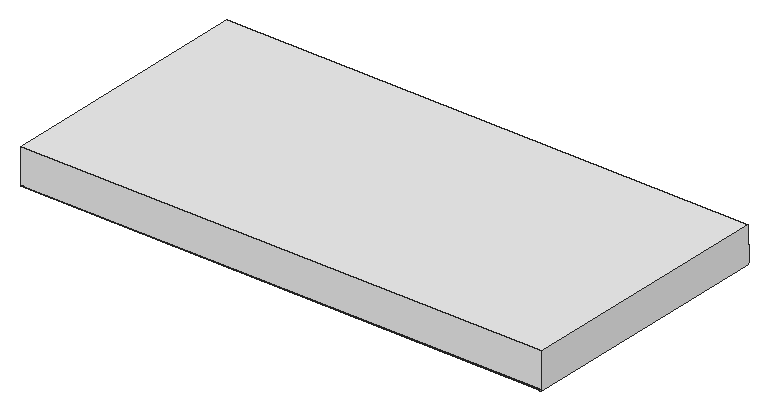
Revit family "MD2-ALTO", category Lighting Fixtures, host Ceiling, Revit 2023
Family settings
  Host = Ceiling
  Round Connector Dimension = Use Diameter
  Part Type = Normal
  OmniClass Number = 23.80.70.11.14.17
  OmniClass Title = Direct/Indirect
  Always vertical = Yes
  Cut with Voids When Loaded = No
  Light Source = Yes
  Maintain Annotation Orientation = No
  Shared = No
  Room Calculation Point = No
Parameters (values of type "MD2-ALTO2X4-LED840K070LUNV (EXAM ONLY)")
  Width = 1' - 11 3/4"
  Wattage = 48 W
  built-in parameter 1150110 = 1 (stored number, unit not read)
  Voltage = 120 V
  URL = "https://viscor.com/products/md-2-alto"
  built-in parameter 1114217 = 0.9 (stored number, unit not read)
  Tilt Angle = 90.00°
  built-in parameter 1150109 = 1 (stored number, unit not read)
  built-in parameter 1150134 = 12
  built-in parameter 1150113 = 1 (stored number, unit not read)
  Photometric Web File = "MD2-ALTO2X4-LED840K070LUNV (EXAM ONLY).ies"
  Model = "MD2-ALT0"  # constant formula
  Manufacturer = "CERTOLUX A DIVISION OF VISCOR"  # constant formula
  Lumens = 7030.08 lm
  built-in parameter 1150115 = 1 (stored number, unit not read)
  built-in parameter 1150105 = 559.44 (stored number, unit not read)
  built-in parameter 1150137 = (empty or 0)
  built-in parameter 1150139 = (empty or 0)
  Lens Finish = Acrylic - Viscor - Frosted White
  Lens Depth = 0' - 0 5/8"
  Length = 3' - 11 3/4"
  Lamp Wattage = 48 VA
  built-in parameter 1150112 = 1 (stored number, unit not read)
  built-in parameter 1150114 = 1 (stored number, unit not read)
  Lamp = "LED"  # constant formula
  built-in parameter 1150132 = (empty or 0)
  built-in parameter 1150102 = (empty or 0)
  built-in parameter 1150138 = (empty or 0)
  built-in parameter 1150107 = 4000 (stored number, unit not read)
  built-in parameter 1150106 = 5.5944 (stored number, unit not read)
  Housing Finish = Metal - Viscor - White
  Emit from Rectangle Width = Width  # 1' - 11 3/4"
  Emit from Rectangle Length = Length  # 3' - 11 3/4"
  Emit from Rectangle Height = Lens Depth  # 0' - 0 5/8"
  Emit Shape Visible in Rendering = no
  built-in parameter 1150104 = 13.607 (stored number, unit not read)
  Dimming Lamp Color Temperature Shift = <None>
  Description = "Patient Room Luminaire with Ambient, Exam Functions"  # constant formula
  Default Elevation = 0' - 0"
  Color Filter = 16777215
  built-in parameter 1114218 = 1 (stored number, unit not read)
  built-in parameter 1150133 = 10 (stored number, unit not read)
  Assembly Code = "D5020200"
  Apparent Load = Lamp Wattage  # 48 VA
Types (17): name | Wattage | Photometric Web File | Lumens | built-in parameter 1150105 | Lamp Wattage | built-in parameter 1150106 | built-in parameter 1150104 | Apparent Load
  (no name) | 48 W | "MD2-ALTO2X4-LED840K070LUNV (EXAM ONLY).ies" | 7030.08 lm | 559.44 (stored number, unit not read) | 48 VA | 5.5944 (stored number, unit not read) | 13.607 (stored number, unit not read) | 48 VA
  MD2-ALTO2X4-LED840K030LUNV (AMBIENT ONLY) | 24 W | "MD2-ALTO2X4-LED840K030LUNV (AMBIENT ONLY).ies" | 3010.08 lm | 239.53 (stored number, unit not read) | 24 VA | 2.3953 (stored number, unit not read) | 11.652 (stored number, unit not read) | 24 VA
  MD2-ALTO2X4-LED840K036LUNV (AMBIENT ONLY) | 29 W | "MD2-ALTO2X4-LED840K036LUNV (AMBIENT ONLY).ies" | 3610.5 lm | 287.31 (stored number, unit not read) | 29 VA | 2.8731 (stored number, unit not read) | 11.566 (stored number, unit not read) | 29 VA
  MD2-ALTO2X4-LED840K040LUNV (AMBIENT ONLY) | 34 W | "MD2-ALTO2X4-LED840K040LUNV (AMBIENT ONLY).ies" | 4204.1 lm | 334.55 (stored number, unit not read) | 34 VA | 3.3455 (stored number, unit not read) | 11.487 (stored number, unit not read) | 34 VA
  MD2-ALTO2X4-LED840K050LUNV (AMBIENT ONLY) | 41 W | "MD2-ALTO2X4-LED840K050LUNV (AMBIENT ONLY).ies" | 5045.05 lm | 401.47 (stored number, unit not read) | 41 VA | 4.0147 (stored number, unit not read) | 11.432 (stored number, unit not read) | 41 VA
  MD2-ALTO2X4-LED840K036LUNV (EXAM ONLY) | 24 W | "MD2-ALTO2X4-LED840K036LUNV (EXAM ONLY).ies" | 3607.92 lm | 287.11 (stored number, unit not read) | 24 VA | 2.8711 (stored number, unit not read) | 13.966 (stored number, unit not read) | 24 VA
  MD2-ALTO2X4-LED840K040LUNV (EXAM ONLY) | 28 W | "MD2-ALTO2X4-LED840K040LUNV (EXAM ONLY).ies" | 4177.04 lm | 332.4 (stored number, unit not read) | 28 VA | 3.324 (stored number, unit not read) | 13.859 (stored number, unit not read) | 28 VA
  MD2-ALTO2X4-LED840K050LUNV (EXAM ONLY) | 34 W | "MD2-ALTO2X4-LED840K050LUNV (EXAM ONLY).ies" | 5012.28 lm | 398.86 (stored number, unit not read) | 34 VA | 3.9886 (stored number, unit not read) | 13.696 (stored number, unit not read) | 34 VA
  MD2-ALTO2X4-LED840K060LUNV (EXAM ONLY) | 41 W | "MD2-ALTO2X4-LED840K060LUNV (EXAM ONLY).ies" | 6058.16 lm | 482.09 (stored number, unit not read) | 41 VA | 4.8209 (stored number, unit not read) | 13.727 (stored number, unit not read) | 41 VA
  MD2-ALTO2X4-LED840K070LUNV (EXAM ONLY) | 48 W | "MD2-ALTO2X4-LED840K070LUNV (EXAM ONLY).ies" | 7030.08 lm | 559.44 (stored number, unit not read) | 48 VA | 5.5944 (stored number, unit not read) | 13.607 (stored number, unit not read) | 48 VA
  MD2-ALTO2X4-LED840K030L_036LUNV (AMBIENT + EXAM ON) | 48 W | "MD2-ALTO2X4-LED840K030L_036LUNV (AMBIENT + EXAM ON).ies" | 6618.24 lm | 526.66 (stored number, unit not read) | 48 VA | 5.2666 (stored number, unit not read) | 12.809 (stored number, unit not read) | 48 VA
  MD2-ALTO2X4-LED840K036L_036LUNV (AMBIENT + EXAM ON) | 53 W | "MD2-ALTO2X4-LED840K036L_036LUNV (AMBIENT + EXAM ON).ies" | 7220.19 lm | 574.56 (stored number, unit not read) | 53 VA | 5.7456 (stored number, unit not read) | 12.656 (stored number, unit not read) | 53 VA
  MD2-ALTO2X4-LED840K040L_040LUNV (AMBIENT + EXAM ON) | 62 W | "MD2-ALTO2X4-LED840K040L_040LUNV (AMBIENT + EXAM ON).ies" | 8381.16 lm | 666.95 (stored number, unit not read) | 62 VA | 6.6695 (stored number, unit not read) | 12.559 (stored number, unit not read) | 62 VA
  MD2-ALTO2X4-LED840K040L_050LUNV (AMBIENT + EXAM ON) | 68 W | "MD2-ALTO2X4-LED840K040L_050LUNV (AMBIENT + EXAM ON).ies" | 9216.04 lm | 733.39 (stored number, unit not read) | 68 VA | 7.3339 (stored number, unit not read) | 12.591 (stored number, unit not read) | 68 VA
  MD2-ALTO2X4-LED840K040L_060LUNV  (AMBIENT + EXAM ON) | 75 W | "MD2-ALTO2X4-LED840K040L_060LUNV  (AMBIENT + EXAM ON).ies" | 10262.3 lm | 816.64 (stored number, unit not read) | 75 VA | 8.1664 (stored number, unit not read) | 12.712 (stored number, unit not read) | 75 VA
  MD2-ALTO2X4-LED840K050L_060LUNV (AMBIENT + EXAM ON) | 82 W | "MD2-ALTO2X4-LED840K050L_060LUNV (AMBIENT + EXAM ON).ies" | 11103.6 lm | 883.6 (stored number, unit not read) | 82 VA | 8.836 (stored number, unit not read) | 12.58 (stored number, unit not read) | 82 VA
  MD2-ALTO2X4-LED840K050L_070LUNV (AMBIENT + EXAM ON) | 89 W | "MD2-ALTO2X4-LED840K050L_070LUNV (AMBIENT + EXAM ON).ies" | 12075.5 lm | 960.94 (stored number, unit not read) | 89 VA | 9.6094 (stored number, unit not read) | 12.605 (stored number, unit not read) | 89 VA
Reference planes (in)
  plane 1 "Light Source Axis (F/B)": y = 0
  plane 2 "Ceiling": z = 96
  plane 3 "Light Source Axis (L/R)": x = 0
  plane 4 "Light Source Elevation": z = 95.375
  plane 5: y = 11.875
  plane 6: y = -11.875
  plane 7: x = -23.875
  plane 8: x = 23.875
  plane 9 "Lens Depth": z = 95.375
  plane 10: x = -23.46875
  plane 11: x = 23.46875
  plane 12: x = -23.40625
  plane 13: x = 23.40625
Forms (in)
  Extrusion 1, solid, material "Metal - Viscor - White" <- "Housing Finish"
    sketch origin (0, 0, -0.125) x (0, 1, 0) y (0, 0, 1)
      loop
        line (-11.783, 96) -> (11.783, 96)
        arc (11.783, 96) -> (11.82684, 96.01816) -> (11.845, 96.062) r 0.062
        line (11.845, 96.062) -> (11.845, 99.25) -> (-11.845, 99.25) -> (-11.845, 96.062)
        arc (-11.845, 96.062) -> (-11.82684, 96.01816) -> (-11.783, 96) r 0.062
    from -23.875 to 23.875
  Extrusion 2, void
    sketch origin (0, 0, 96) x (1, 0, 0) y (0, 1, 0)
      loop
        line (19.04387, 10.47) -> (-19.04387, 10.47)
        arc (-19.04387, 10.47) -> (-21.35604, 9.33853) -> (-22.5, 7.0325) r 4
        line (-22.5, 7.0325) -> (-22.5, -7.0325)
        arc (-22.5, -7.0325) -> (-21.35604, -9.33853) -> (-19.04387, -10.47) r 4
        line (-19.04387, -10.47) -> (19.04387, -10.47)
        arc (19.04387, -10.47) -> (21.35604, -9.33853) -> (22.5, -7.0325) r 4
        line (22.5, -7.0325) -> (22.5, 7.0325)
        arc (22.5, 7.0325) -> (21.35604, 9.33853) -> (19.04387, 10.47) r 4
    from -0.125 to 1.24401
Cuts and joins
  Extrusion 2 cuts Extrusion 1
Dimensions and locks (in)
  equal spacing: host sketch curve, plane 3 "Light Source Axis (L/R)", host sketch curve
  equal spacing: host sketch curve, plane 1 "Light Source Axis (F/B)", host sketch curve
  host sketch curve to host sketch curve = 10' - 0"  (x2)
  equal spacing: plane 7, plane 3 "Light Source Axis (L/R)", plane 8
  "Length": plane 7 to plane 8
  equal spacing: plane 5, plane 1 "Light Source Axis (F/B)", plane 6
  "Width": plane 5 to plane 6
  "Emit from Rectangle Height": plane 4 "Light Source Elevation" to plane 2 "Ceiling"
  "Lens Depth": plane 2 "Ceiling" to plane 9 "Lens Depth"
  locked: plane 7 to plane 10 at 0.40625
  locked: plane 11 to plane 8 at 0.40625
  locked: plane 7 to plane 12 at 0.46875
  locked: plane 13 to plane 8 at 0.46875
  aligned and locked: plane 3 "Light Source Axis (L/R)" to imposter light
  aligned and locked: plane 1 "Light Source Axis (F/B)" to imposter light
  aligned and locked: plane 4 "Light Source Elevation" to imposter light
  aligned and locked: Extrusion 1 to plane 7
  aligned and locked: plane 8 to Extrusion 1
Automatic sketch dimensions
  Extrusion 1 sketch curve to plane 2 "Ceiling" = 0' - 0 1/8"
  Extrusion 1 sketch curve to plane 5 = 0' - 0.092"
  Extrusion 1 sketch curve to plane 2 "Ceiling" = 0' - 0.063"  (x2)
  Extrusion 1 sketch curve to Extrusion 1 sketch curve = 0' - 3.188"
  plane 6 to Extrusion 1 sketch curve = 0' - 0.03"
  plane 12 to Extrusion 2 sketch curve = 0' - 0 29/32"
  Extrusion 2 sketch curve to plane 5 = 0' - 1.405"
  plane 12 to Extrusion 2 sketch curve = 0' - 4.36238"
  Extrusion 2 sketch curve to Extrusion 2 sketch curve = 0' - 3.96473"
  Extrusion 2 sketch curve to plane 13 = 0' - 4.87098"  (x2)
  plane 6 to Extrusion 2 sketch curve = 0' - 1.405"
  Extrusion 2 sketch curve to Extrusion 2 sketch curve = 0' - 0.50859"  (x3)
  Extrusion 2 sketch curve to plane 13 = 0' - 0 29/32"
  plane 6 to Extrusion 2 sketch curve = 0' - 4.8425"
  Extrusion 2 sketch curve to Extrusion 2 sketch curve = 0' - 3.96753"  (x3)
  Extrusion 2 sketch curve to Extrusion 2 sketch curve = 0' - 3.45613"
Connectors (in)
  electrical at (0, 0, 96), driven by "Voltage", driven by "Apparent Load"
    settings: index 1, voltage 120 V, apparent load 0 VA, apparent load phase1 48 VA, apparent load phase2 0 VA, apparent load phase3 0 VA, power factor 1, load classification "Other", number of poles 1, system type 31, power factor state 1, is connector primary yes, connector utility no, sub classification motor no, connector description ""
